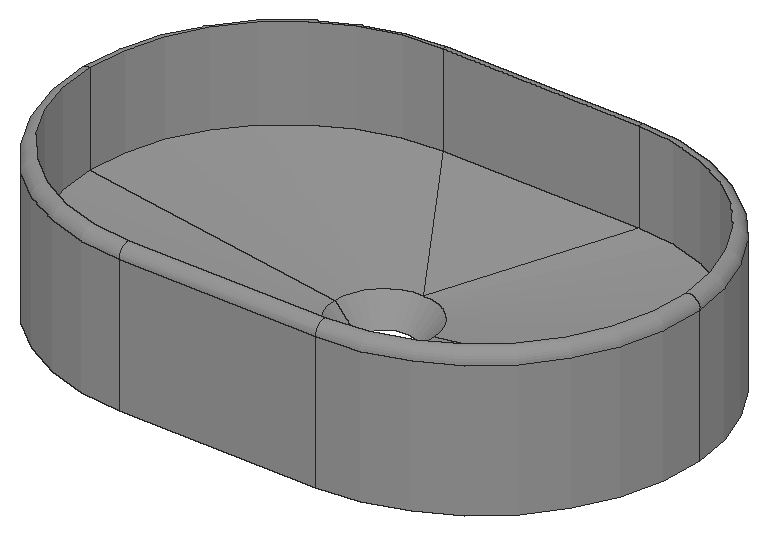
Revit family "ALMA-BPEPMW10-Lucian_Matte_White_Pill_Basin", category Plumbing Fixtures, host Face, Revit 2026
Family settings
  Host = Face
  Round Connector Dimension = Use Diameter
  Part Type = Normal
  Enable Cutting in Views = Yes
  Cut with Voids When Loaded = No
  Maintain Annotation Orientation = No
  Shared = No
  Room Calculation Point = No
Parameters
  Width = 340 mm
  Length = 500 mm
  Height = 120 mm
  Default Elevation = 1219.2 mm
  Basin_Material = BM_MATTE WHITE
Reference planes
  plane 1 "Center (Front/Back)": y = 0
  plane 2: z = 0
  plane 3 "Center (Left/Right)": x = 0
  plane 4: x = 250
  plane 5: x = -250
  plane 6: y = 170
  plane 7: y = -170
  plane 8: z = 120
Forms (mm)
  Extrusion 1, solid, material "BM_MATTE WHITE" <- "Basin_Material"
    sketch origin (0, 0, 0) x (1, 0, 0) y (0, 1, 0)
      loop
        arc (-80, 170) -> (-200.208, 120.208) -> (-250, 0) r 170
        arc (-250, 0) -> (-200.208, -120.208) -> (-80, -170) r 170
        line (-80, -170) -> (80.294, -170)
        arc (80.294, -170) -> (203.988, -116.619) -> (250, 10) r 170
        arc (250, 10) -> (196.913, 123.693) -> (80.294, 170) r 170
        line (80.294, 170) -> (-80, 170)
      loop
        arc (-240, 0) -> (-193.137, -113.137) -> (-80, -160) r 160
        line (-80, -160) -> (80.294, -160)
        arc (80.294, -160) -> (196.711, -109.759) -> (240.017, 9.412) r 160
        arc (240.017, 9.412) -> (190.053, 116.417) -> (80.294, 160) r 160
        line (80.294, 160) -> (-80, 160)
        arc (-80, 160) -> (-193.137, 113.137) -> (-240, 0) r 160
    from 0 to 120
  Extrusion 2, solid, material "BM_MATTE WHITE" <- "Basin_Material"
    sketch origin (0, 0, 0) x (1, 0, 0) y (0, 1, 0)
      loop
        arc (-240, 0) -> (-193.137, -113.137) -> (-80, -160) r 160
        line (-80, -160) -> (80.294, -160)
        arc (80.294, -160) -> (196.711, -109.759) -> (240.017, 9.412) r 160
        arc (240.017, 9.412) -> (190.053, 116.417) -> (80.294, 160) r 160
        line (80.294, 160) -> (-80, 160)
        arc (-80, 160) -> (-193.137, 113.137) -> (-240, 0) r 160
    from 0 to 45
  SweptBlend 3, void
    path origin (0, 0, 0) x (1, 0, 0) y (0, 0, 1)
      loop
        line (0.147, 20) -> (0.147, 45)
    profile origin (0.147, 0, 20) x (-1, 0, 0) y (0, -1, 0)
      loop
        arc (40, 0) -> (28.284, 28.284) -> (0, 40) r 40
        arc (0, 40) -> (-29.104, 27.44) -> (-39.931, -2.353) r 40
        arc (-39.931, -2.353) -> (-27.44, -29.104) -> (0, -40) r 40
        arc (0, -40) -> (28.284, -28.284) -> (40, 0) r 40
    end profile origin (0.147, 0, 45) x (-1, 0, 0) y (0, -1, 0)
      loop
        arc (240.147, 0) -> (193.284, 113.137) -> (80.147, 160) r 160
        line (80.147, 160) -> (-80.147, 160)
        arc (-80.147, 160) -> (-196.564, 109.759) -> (-239.87, -9.412) r 160
        arc (-239.87, -9.412) -> (-189.906, -116.417) -> (-80.147, -160) r 160
        line (-80.147, -160) -> (80.147, -160)
        arc (80.147, -160) -> (193.284, -113.137) -> (240.147, 0) r 160
  SweptBlend 4, void
    path origin (0, 0, 0) x (1, 0, 0) y (0, 0, 1)
      loop
        line (0.147, 0) -> (0.147, 20)
    profile origin (0.147, 0, 0) x (-1, 0, 0) y (0, -1, 0)
      loop
        circle (0, 0) r 22.5
    end profile origin (0.147, 0, 20) x (-1, 0, 0) y (0, -1, 0)
      loop
        circle (0, 0) r 40
  Sweep 5, void
    path in 3D
      loop
        arc (-80, 170, 120) -> (-200.208, 120.208, 120) -> (-250, 0, 120) r 170
        arc (-250, 0, 120) -> (-200.208, -120.208, 120) -> (-80, -170, 120) r 170
        line (-80, -170, 120) -> (80.294, -170, 120)
        arc (80.294, -170, 120) -> (203.988, -116.619, 120) -> (250, 10, 120) r 170
        arc (250, 10, 120) -> (196.913, 123.693, 120) -> (80.294, 170, 120) r 170
        line (80.294, 170, 120) -> (-80, 170, 120)
    profile origin (0.147, 170, 120) x (0, -1, 0) y (0, 0, 1)
      loop
        line (0, 0) -> (0, -10)
        arc (0, -10) -> (2.929, -2.929) -> (10, 0) r 10
        line (10, 0) -> (0, 0)
Cuts and joins
  Sweep 5 cuts Extrusion 1
  SweptBlend 3, SweptBlend 4 cuts Extrusion 2
  joined: Extrusion 1, Extrusion 2
Lines and regions (mm)
  sketch lines
    curve 1: line (80.294, 170, 120) -> (-80, 170, 120)
    curve 2: arc (80.294, 170, 120) -> (196.913, 123.693, 120) -> (250, 10, 120) r 170
    curve 3: arc (250, 10, 120) -> (203.988, -116.619, 120) -> (80.294, -170, 120) r 170
    curve 4: line (-80, -170, 120) -> (80.294, -170, 120)
    curve 5: arc (-80, -170, 120) -> (-200.208, -120.208, 120) -> (-250, 0, 120) r 170
    curve 6: arc (-250, 0, 120) -> (-200.208, 120.208, 120) -> (-80, 170, 120) r 170
Text (mm)
  text "Refer to www.buildmat.com.au for the most current product literature. \nAllow a +/- 5mm tolerance for dimensions shown in the product literature. \nPlease note product details are subject to change due to ongoing product development." at (9, -1305.742, 0), in view "Ref. Level"
Dimensions and locks
  "Width": plane 6 to plane 7
  "Length": plane 5 to plane 4
  equal spacing: plane 6, plane 1 "Center (Front/Back)", plane 7
  equal spacing: plane 5, plane 3 "Center (Left/Right)", plane 4
  "Height": plane 8 to host face
  aligned and locked: plane 2 to host face
  aligned and locked: level to host face
Automatic sketch dimensions
  host sketch curve to host sketch curve = 2438.4 mm  (x2)
  Extrusion 1 sketch curve to Extrusion 1 sketch curve = 0 mm  (x24)
  plane 1 "Center (Front/Back)" to Extrusion 1 sketch curve = 0 mm
  Extrusion 1 sketch curve to plane 5 = 0 mm
  Extrusion 1 sketch curve to plane 6 = 0 mm
  Extrusion 1 sketch curve to plane 4 = 0 mm
  plane 3 "Center (Left/Right)" to Extrusion 1 sketch curve = 80.294 mm
  Extrusion 1 sketch curve to plane 7 = 10 mm
  Extrusion 1 sketch curve to plane 1 "Center (Front/Back)" = 9.412 mm
  Extrusion 2 sketch curve to Extrusion 2 sketch curve = 0 mm  (x4)
  plane 1 "Center (Front/Back)" to Extrusion 2 sketch curve = 0 mm
  Extrusion 2 sketch curve to plane 6 = 10 mm
  Extrusion 2 sketch curve to plane 3 "Center (Left/Right)" = 80 mm
  plane 3 "Center (Left/Right)" to Extrusion 2 sketch curve = 80.294 mm
  Extrusion 2 sketch curve to plane 1 "Center (Front/Back)" = 9.412 mm
  plane 3 "Center (Left/Right)" to SweptBlend 3 sketch curve = 0.147 mm
  level to SweptBlend 3 sketch curve = 20 mm
  SweptBlend 3 sketch curve to SweptBlend 3 sketch curve = 25 mm
  SweptBlend 3 sketch curve to SweptBlend 3 sketch curve = 0 mm  (x16)
  plane 1 "Center (Front/Back)" to SweptBlend 3 sketch curve = 0 mm  (x2)
  profile plane to SweptBlend 3 sketch curve = 80.147 mm
  SweptBlend 3 sketch curve to profile plane = 80.147 mm
  SweptBlend 3 sketch curve to plane 1 "Center (Front/Back)" = 160 mm
  SweptBlend 3 sketch curve to plane 1 "Center (Front/Back)" = 9.412 mm
  SweptBlend 3 sketch curve to profile plane = 0 mm
  SweptBlend 3 sketch curve to plane 1 "Center (Front/Back)" = 2.353 mm
  profile plane to SweptBlend 3 sketch curve = 39.931 mm
  SweptBlend 4 sketch curve to level = 0 mm
  plane 3 "Center (Left/Right)" to SweptBlend 4 sketch curve = 0.147 mm
  SweptBlend 4 sketch curve to SweptBlend 4 sketch curve = 20 mm
  plane 1 "Center (Front/Back)" to SweptBlend 4 sketch curve = 0 mm  (x2)
  SweptBlend 4 sketch curve to profile plane = 0 mm  (x2)
  Sweep 5 sketch curve to profile plane = 0 mm  (x2)
  Sweep 5 sketch curve to Sweep 5 sketch curve = 10 mm
  radius of SweptBlend 4 sketch curve = 40 mm
  radius of SweptBlend 4 sketch curve = 22.5 mm
